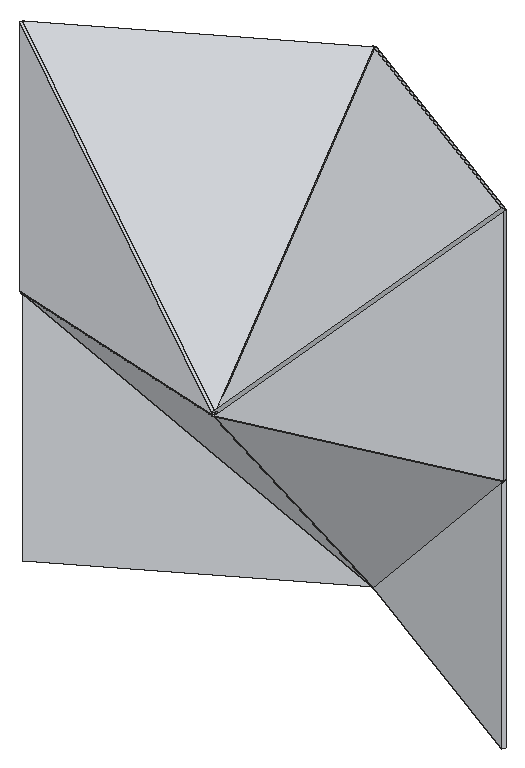
Revit family
Parameters
  Altezza sup. = 1000 mm
  Altezza = 1500 mm
Reference planes
  plane 1 "Centro (Fronte/Retro)": y = 0
  plane 2: z = 0
  plane 3 "Centro (Sinistra/Destra)": x = 0
  plane 4 "Sinistra": x = -1500
  plane 5 "Destra": x = 1500
  plane 6 "SUP": z = 4000
  plane 7: z = 1500
  plane 8: z = 3000
Forms (mm)
  Blend 1, void
    base sketch origin (0, 0, 0) x (1, 0, 0) y (0, 1, 0)
      loop
        line (-1500, 0) -> (-1500, -780) -> (1500, -780) -> (1500, 0) -> (0, 866.025) -> (-1500, 0)
    top sketch origin (0, 0, 0) x (1, 0, 0) y (0, 1, 0)
      loop
        line (-1500, 0) -> (-1500, -780) -> (1500, -780) -> (1500, 0) -> (0, -373.992) -> (-1500, 0)
    from 0 to 1500
  Blend 2, void
    base sketch origin (0, 0, 0) x (1, 0, 0) y (0, 1, 0)
      loop
        line (-1500, 0) -> (-1500, -780) -> (1500, -780) -> (1500, 0) -> (0, -373.992) -> (-1500, 0)
    top sketch origin (0, 0, 0) x (1, 0, 0) y (0, 1, 0)
      loop
        line (-1500, 0) -> (-1500, -780) -> (1500, -780) -> (1500, 0) -> (0, 866.025) -> (-1500, 0)
    from 1500 to 3000
  Extrusion 3, solid
    sketch origin (750, 433.013, 0) x (0, 0, 1) y (-0.866025, 0.5, 0)
      loop
        line (1500, -866.025) -> (0, 866.025) -> (0, -866.025) -> (1500, -866.025)
    from 0 to 20
  Extrusion 4, solid
    sketch origin (0, 866.025, 0) x (0.151372, -0.607118, 0.780061) y (-0.970296, -0.241922, 0)
      loop
        line (1922.928, 299.987) -> (0, 0) -> (1922.928, -1245.933) -> (1922.928, 299.987)
    from 0 to 20
  Extrusion 5, solid
    sketch origin (0, 866.025, 0) x (-0.151372, -0.607118, 0.780061) y (-0.970296, 0.241922, 0)
      loop
        line (1922.928, -299.987) -> (1922.928, 1245.933) -> (0, 0) -> (1922.928, -299.987)
    from 0 to 20
  Extrusion 6, solid
    sketch origin (-750, 433.013, 0) x (0, 0, 1) y (-0.866025, -0.5, 0)
      loop
        line (0, 866.025) -> (0, -866.025) -> (1500, 866.025) -> (0, 866.025)
    from 0 to 20
  Extrusion 7, solid
    sketch origin (750, -186.996, 1500) x (0, 0, 1) y (-0.970296, -0.241922, 0)
      loop
        line (1500, -772.96) -> (0, 772.96) -> (0, -772.96) -> (1500, -772.96)
    from 0 to 20
  Extrusion 8, solid
    sketch origin (0, -373.992, 1500) x (0.29106, 0.504131, 0.813103) y (-0.866025, 0.5, 0)
      loop
        line (0, 0) -> (1844.785, -1112.042) -> (1844.785, 620.009) -> (0, 0)
    from 0 to 20
  Extrusion 9, solid
    sketch origin (0, -373.992, 1500) x (-0.29106, 0.504131, 0.813103) y (-0.866025, -0.5, 0)
      loop
        line (1844.785, -620.009) -> (1844.785, 1112.042) -> (0, 0) -> (1844.785, -620.009)
    from 0 to 20
  Extrusion 10, solid
    sketch origin (-750, -186.996, 1500) x (0, 0, 1) y (-0.970296, 0.241922, 0)
      loop
        line (1500, 772.96) -> (0, 772.96) -> (0, -772.96) -> (1500, 772.96)
    from 0 to 20
Text (mm)
  text "Esterno" at (-2351.972, 1416.179, 0), in view "Livello rif."
  text "Esterno" at (0, 2290.741, 4406.713), in view "Sinistra"
  text "Esterno" at (0, 1328.187, 4120.349), in view "Destra"
Dimensions and locks
  equal spacing: plane 4 "Sinistra", plane 3 "Centro (Sinistra/Destra)", plane 5 "Destra"
  equal spacing: plane 8, plane 7, level
  "Altezza": plane 7 to level
  aligned and locked: plane 7 to Blend 1
  aligned and locked: Blend 2 to plane 7
  aligned and locked: plane 8 to Blend 2
  aligned and locked: Extrusion 3 sketch curve to Blend 1
  aligned and locked: Extrusion 4 sketch curve to Blend 1
Automatic sketch dimensions
  Blend 1 sketch curve to plane 1 "Centro (Fronte/Retro)" = 0 mm  (x4)
  Blend 1 sketch curve to plane 4 "Sinistra" = 0 mm  (x2)
  Blend 1 sketch curve to plane 3 "Centro (Sinistra/Destra)" = 0 mm  (x2)
  Blend 1 sketch curve to plane 5 "Destra" = 0 mm  (x2)
  plane 1 "Centro (Fronte/Retro)" to Blend 1 sketch curve = 780 mm  (x2)
  Blend 1 sketch curve to plane 1 "Centro (Fronte/Retro)" = 866.025 mm
  plane 1 "Centro (Fronte/Retro)" to Blend 1 sketch curve = 373.992 mm
  Blend 2 sketch curve to plane 1 "Centro (Fronte/Retro)" = 0 mm  (x4)
  Blend 2 sketch curve to plane 4 "Sinistra" = 0 mm  (x2)
  Blend 2 sketch curve to plane 3 "Centro (Sinistra/Destra)" = 0 mm  (x2)
  Blend 2 sketch curve to plane 5 "Destra" = 0 mm  (x2)
  plane 1 "Centro (Fronte/Retro)" to Blend 2 sketch curve = 373.992 mm
  plane 1 "Centro (Fronte/Retro)" to Blend 2 sketch curve = 780 mm  (x2)
  Blend 2 sketch curve to plane 1 "Centro (Fronte/Retro)" = 866.025 mm
  Extrusion 3 sketch curve to Blend 1 = 0 mm  (x3)
  Extrusion 4 sketch curve to Blend 1 = 0 mm  (x3)
  Extrusion 5 sketch curve to Blend 1 = 0 mm  (x5)
  Extrusion 6 sketch curve to Blend 1 = 0 mm  (x4)
  Extrusion 7 sketch curve to Blend 2 = 0 mm  (x4)
  Extrusion 8 sketch curve to Blend 2 = 0 mm  (x5)
  Extrusion 9 sketch curve to Blend 2 = 0 mm  (x5)
  Extrusion 10 sketch curve to Blend 2 = 0 mm  (x4)
